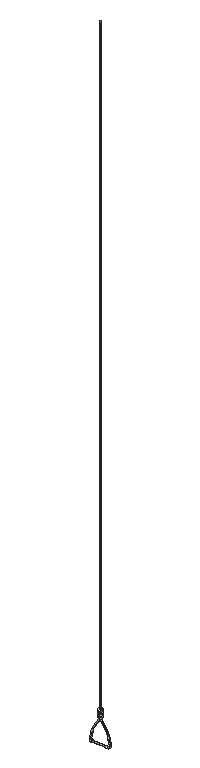
Revit family "Wire-HunterDouglas-300C", category Specialty Equipment, Revit 2013
Parameters (values of type "Parametric")
  ecoScorecard_data = "http://products.ecoscorecard.com/hunterdouglascontract/L300C"
  ecoScorecard Product Page = "http://hunterdouglascontract.ecoscorecard.com/product/L300C?base_search=product_category_A1035"
  Wire = Metal - Hunter Douglas - Steel Stain
  URL = "http://www.hunterdouglascontract.com/ceilings/index.jsp"
  Subcategory = "Metal – Linear Plank"  # constant formula
  Product Line = "300C"  # constant formula
  Perforations = "http://www.hunterdouglascontract.com/ceilings/metalsystems/widepanel/300c/index.jsp?t=perfPage"
  Model = "300C Hanger_Wire"  # constant formula
  Manufacturer = "Hunter Douglas Luxalon Metal Ceilings"  # constant formula
  Hanger Wire Length [instance] = 3' - 0"
  Description = "Hanger_Wire"  # constant formula
  Color Finishes = "http://www.hunterdouglascontract.com/ceilings/metalsystems/widepanel/300c/index.jsp?t=colorPage"
  Assembly Code = "C3030200"
  95 CSI = "09510"  # constant formula
  04 CSI = "09 51 00"  # constant formula
Reference planes (in)
  plane 1 "Center (Front/Back)": y = 0
  plane 2: z = 0
  plane 3 "Center (Left/Right)": x = 0
  plane 4: x = -0.77248
  plane 5: x = 0.77248
  plane 6: z = 2.4375
  plane 7: z = 2.5
  plane 8: z = 36
Dimensions and locks (in)
  equal spacing: plane 4, plane 3 "Center (Left/Right)", plane 5
  plane 4 to plane 5 = 0' - 1.54495"
  locked: plane 6 to plane 7 at 0.0625
  locked: plane 6 to level at 2.4375
  "Hanger Wire Length": plane 8 to level
  aligned and locked: level to plane 2
  aligned and locked: plane 6 to nested 1
  aligned and locked: plane 1 "Center (Front/Back)" to nested 1
  aligned and locked: plane 3 "Center (Left/Right)" to nested 1
Nested families (in)
  nested 1: "Wire" at (0, 0, 0), type "Parametric"
Definition of nested family "Wire"
  Parameters (values of type "Parametric")
    URL = "http://www.hunterdouglascontract.com/ceilings/index.jsp"
    Subcategory = "Metal – Linear Plank"  # constant formula
    Product Line = "300C"  # constant formula
    Model = "300C Hanger_Wire"  # constant formula
    Material = Metal - Hunter Douglas - Steel Stain
    Manufacturer = "Hunter Douglas Luxalon Metal Ceilings"  # constant formula
    HangerWire Length = 3' - 0"
    Description = "Hanger_Wire"  # constant formula
    Assembly Code = "C3030200"
    95 CSI = "09510"  # constant formula
    04 CSI = "09 51 00"  # constant formula
  Reference planes (in)
    plane 1 "Center (Front/Back)": y = 0
    plane 2: z = 0
    plane 3 "Center (Left/Right)": x = 0
    plane 4: x = -0.77248
    plane 5: x = 0.77248
    plane 6: z = 2.4375
    plane 7: z = 2.5
    plane 8: z = 36
  Forms (in)
    Sweep 1, solid, material "Metal - Hunter Douglas - Steel Stain" <- "Material", detail levels fine
      path origin (0, 0, 0) x (1, 0, 0) y (0, 0, 1)
        loop
          line (0.03125, 36) -> (0.03125, 3.70793) -> (0.38236, 3.14135)
          arc (0.38236, 3.14135) -> (0.44435, 3.01623) -> (0.48166, 2.88166) r 0.73777
          line (0.48166, 2.88166) -> (0.5376, 2.56649)
          arc (0.5376, 2.56649) -> (0.51364, 2.47677) -> (0.42949, 2.4375) r 0.1098
          line (0.42949, 2.4375) -> (-0.42976, 2.4375)
          arc (-0.42976, 2.4375) -> (-0.51374, 2.47669) -> (-0.53765, 2.56622) r 0.10957
          line (-0.53765, 2.56622) -> (-0.48246, 2.87715)
          arc (-0.48246, 2.87715) -> (-0.44395, 3.01607) -> (-0.37995, 3.14524) r 0.76163
          line (-0.37995, 3.14524) -> (-0.0384, 3.69638)
      profile origin (-0.00014, 0, 2.4375) x (0, 0, -1) y (0, -1, 0)
        loop
          circle (-0.03125, 0) r 0.03125
    Revolve 2, solid, material "Metal - Hunter Douglas - Steel Stain" <- "Material", detail levels fine
      sketch origin (-1.10243, 0, 0.17393) x (0.947216, 0, -0.320596) y (0.320596, 0, 0.947216)
        loop
          line (-0.19925, 4.08974) -> (-0.26999, 4.08974)
          arc (-0.26999, 4.08974) -> (-0.30124, 4.05849) -> (-0.26999, 4.02724) r 0.03125
          line (-0.26999, 4.02724) -> (-0.19925, 4.02724) -> (-0.19925, 4.08974)
        axis (-0.19925, 4.02724) -> (-0.19925, 4.08974)
      angle from 0 to 360
    Revolve 3, solid, material "Metal - Hunter Douglas - Steel Stain" <- "Material", detail levels fine
      sketch origin (-1.10243, 0, 0.1083) x (0.947216, 0, -0.320596) y (0.320596, 0, 0.947216)
        loop
          line (-0.19925, 4.08974) -> (-0.26999, 4.08974)
          arc (-0.26999, 4.08974) -> (-0.30124, 4.05849) -> (-0.26999, 4.02724) r 0.03125
          line (-0.26999, 4.02724) -> (-0.19925, 4.02724) -> (-0.19925, 4.08974)
        axis (-0.19925, 4.02724) -> (-0.19925, 4.08974)
      angle from 0 to 360
    Revolve 4, solid, material "Metal - Hunter Douglas - Steel Stain" <- "Material", detail levels fine
      sketch origin (-1.10243, 0, 0.04197) x (0.947216, 0, -0.320596) y (0.320596, 0, 0.947216)
        loop
          line (-0.19925, 4.08974) -> (-0.26999, 4.08974)
          arc (-0.26999, 4.08974) -> (-0.30124, 4.05849) -> (-0.26999, 4.02724) r 0.03125
          line (-0.26999, 4.02724) -> (-0.19925, 4.02724) -> (-0.19925, 4.08974)
        axis (-0.19925, 4.02724) -> (-0.19925, 4.08974)
      angle from 0 to 360
    Revolve 5, solid, material "Metal - Hunter Douglas - Steel Stain" <- "Material", detail levels fine
      sketch origin (-1.10243, 0, -0.02402) x (0.947216, 0, -0.320596) y (0.320596, 0, 0.947216)
        loop
          line (-0.19925, 4.08974) -> (-0.26999, 4.08974)
          arc (-0.26999, 4.08974) -> (-0.30124, 4.05849) -> (-0.26999, 4.02724) r 0.03125
          line (-0.26999, 4.02724) -> (-0.19925, 4.02724) -> (-0.19925, 4.08974)
        axis (-0.19925, 4.02724) -> (-0.19925, 4.08974)
      angle from 0 to 360
    Revolve 6, solid, material "Metal - Hunter Douglas - Steel Stain" <- "Material", detail levels fine
      sketch origin (-1.10243, 0, -0.09) x (0.947216, 0, -0.320596) y (0.320596, 0, 0.947216)
        loop
          line (-0.19925, 4.08974) -> (-0.26999, 4.08974)
          arc (-0.26999, 4.08974) -> (-0.30124, 4.05849) -> (-0.26999, 4.02724) r 0.03125
          line (-0.26999, 4.02724) -> (-0.19925, 4.02724) -> (-0.19925, 4.08974)
        axis (-0.19925, 4.02724) -> (-0.19925, 4.08974)
      angle from 0 to 360
    Revolve 7, solid, material "Metal - Hunter Douglas - Steel Stain" <- "Material", detail levels fine
      sketch origin (-1.10243, 0, -0.15751) x (0.947216, 0, -0.320596) y (0.320596, 0, 0.947216)
        loop
          line (-0.19925, 4.08974) -> (-0.26999, 4.08974)
          arc (-0.26999, 4.08974) -> (-0.30124, 4.05849) -> (-0.26999, 4.02724) r 0.03125
          line (-0.26999, 4.02724) -> (-0.19925, 4.02724) -> (-0.19925, 4.08974)
        axis (-0.19925, 4.02724) -> (-0.19925, 4.08974)
      angle from 0 to 360
  Cuts and joins
    joined: Sweep 1, Revolve 3, Revolve 5, Revolve 7
  Lines and regions (in)
    model lines, style "Wire", detail levels coarse+medium
      curve 1: line (0, 0, 36) -> (0, 0, 2.5)
    symbolic lines, style "Wire", detail levels fine
      curve 2: line (-0.50903, 0.03125, 0) -> (-0.08588, 0.03125, 0)
      curve 3: line (0.50903, -0.03126, 0) -> (0.10541, -0.03126, 0)
      curve 4: arc (0.50903, 0.03125, 0) -> (0.54029, 0, 0) -> (0.50903, -0.03126, 0) r 0.03125
      curve 5: arc (-0.50903, 0.03125, 0) -> (-0.54029, 0, 0) -> (-0.50903, -0.03126, 0) r 0.03125
      curve 6: circle (0.00977, 0, 0) r 0.10062 normal (0, 0, 1)
      curve 7: circle (0, 0, 0) r 0.03125 normal (0, 0, 1)
      curve 8: line (0.10541, 0.03125, 0) -> (0.50903, 0.03125, 0)
      curve 9: line (-0.08587, -0.03126, 0) -> (-0.50903, -0.03126, 0)
      curve 43: line (-0.03122, 0, 36) -> (0.03122, 0, 36)
      curve 44: line (0.03122, 0, 36) -> (0.03122, 0, 4.1081)
      curve 45: line (-0.04684, 0, 4.13498) -> (0.08788, 0, 4.08859)
      curve 46: line (-0.07537, 0, 4.07858) -> (0.06749, 0, 4.02939)
      curve 47: arc (0.08788, 0, 4.08859) -> (0.10729, 0, 4.0488) -> (0.06749, 0, 4.02939) r 0.03131
      curve 48: arc (-0.04684, 0, 4.13498) -> (-0.08569, 0, 4.11922) -> (-0.07537, 0, 4.07858) r 0.0319
      curve 49: arc (0.08788, 0, 4.02237) -> (0.10784, 0, 3.98437) -> (0.0711, 0, 3.96216) r 0.03131
      curve 50: arc (-0.04684, 0, 4.06876) -> (-0.08551, 0, 4.05335) -> (-0.07602, 0, 4.01282) r 0.0319
      curve 51: line (-0.07602, 0, 4.01282) -> (0.0711, 0, 3.96216)
      curve 52: arc (0.08788, 0, 3.95615) -> (0.10784, 0, 3.91815) -> (0.0711, 0, 3.89594) r 0.03131
      curve 53: arc (-0.04684, 0, 4.00254) -> (-0.08551, 0, 3.98713) -> (-0.07602, 0, 3.9466) r 0.0319
      curve 54: line (-0.07602, 0, 3.9466) -> (0.0711, 0, 3.89594)
      curve 55: arc (0.08788, 0, 3.88993) -> (0.10784, 0, 3.85193) -> (0.0711, 0, 3.82972) r 0.03131
      curve 56: arc (-0.04684, 0, 3.93632) -> (-0.08551, 0, 3.92091) -> (-0.07602, 0, 3.88038) r 0.0319
      curve 57: line (-0.07602, 0, 3.88038) -> (0.0711, 0, 3.82972)
      curve 58: arc (0.08788, 0, 3.82371) -> (0.10784, 0, 3.78571) -> (0.0711, 0, 3.7635) r 0.03131
      curve 59: arc (-0.04684, 0, 3.8701) -> (-0.08551, 0, 3.85469) -> (-0.07602, 0, 3.81416) r 0.0319
      curve 60: line (-0.07602, 0, 3.81416) -> (0.0711, 0, 3.7635)
      curve 61: arc (0.08788, 0, 3.75749) -> (0.10784, 0, 3.71949) -> (0.0711, 0, 3.69728) r 0.03131
      curve 62: arc (-0.04684, 0, 3.80388) -> (-0.08551, 0, 3.78847) -> (-0.07602, 0, 3.74794) r 0.0319
      curve 63: line (-0.07602, 0, 3.74794) -> (0.0711, 0, 3.69728)
      curve 64: line (-0.0384, 0, 3.69638) -> (-0.37724, 0, 3.14961)
      curve 65: line (-0.53854, 0, 2.57083) -> (-0.47845, 0, 2.89346)
      curve 66: arc (-0.47845, 0, 2.89346) -> (-0.43931, 0, 3.02606) -> (-0.37724, 0, 3.14961) r 0.77561
      curve 67: arc (-0.53854, 0, 2.57083) -> (-0.5193, 0, 2.48393) -> (-0.44337, 0, 2.4375) r 0.11373
      curve 68: line (0.08629, 0, 3.61911) -> (-0.0384, 0, 3.69638)
      curve 69: spline (-0.02925, 0, 3.69071) -> (-0.02601, 0, 3.69164) -> (-0.02149, 0, 3.69294) -> (-0.01593, 0, 3.69453) -> (-0.00958, 0, 3.69634) -> (-0.00276, 0, 3.69828) -> (0.00419, 0, 3.70026) -> (0.01093, 0, 3.70218) -> (0.01714, 0, 3.70394) -> (0.02251, 0, 3.70547) -> (0.02678, 0, 3.70667) -> (0.02974, 0, 3.70751) -> (0.03125, 0, 3.70793)
      curve 70: line (0, 0, 3.6397) -> (-0.32412, 0, 3.11669)
      curve 71: arc (-0.41709, 0, 2.88159) -> (-0.3811, 0, 3.00329) -> (-0.32412, 0, 3.11669) r 0.71311
      curve 72: line (-0.4771, 0, 2.55939) -> (-0.41709, 0, 2.88159)
      curve 73: arc (-0.4771, 0, 2.55939) -> (-0.46843, 0, 2.52024) -> (-0.43423, 0, 2.49933) r 0.05123
      curve 74: line (0.03122, 0, 36) -> (-0.03122, 0, 36)
      curve 75: line (-0.03122, 0, 36) -> (-0.03122, 0, 4.1296)
      curve 76: line (0.02882, 0, 3.71184) -> (0.37724, 0, 3.14961)
      curve 77: line (0.53854, 0, 2.57083) -> (0.47845, 0, 2.89346)
      curve 78: arc (0.47845, 0, 2.89346) -> (0.43931, 0, 3.02606) -> (0.37724, 0, 3.14961) r 0.77561
      curve 79: arc (0.53854, 0, 2.57083) -> (0.5193, 0, 2.48393) -> (0.44337, 0, 2.4375) r 0.11373
      curve 80: arc (0.4771, 0, 2.55939) -> (0.46843, 0, 2.52024) -> (0.43423, 0, 2.49933) r 0.05123
      curve 81: line (0.4771, 0, 2.55939) -> (0.41709, 0, 2.88159)
      curve 82: arc (0.41709, 0, 2.88159) -> (0.3811, 0, 3.00329) -> (0.32412, 0, 3.11669) r 0.71311
      curve 83: line (0, 0, 3.6397) -> (0.32412, 0, 3.11669)
      curve 84: line (-0.43423, 0, 2.49933) -> (0.43423, 0, 2.49933)
      curve 85: line (0.44337, 0, 2.4375) -> (-0.44337, 0, 2.4375)
      curve 86: line (-0.03122, 0, 3.73252) -> (-0.03122, 0, 3.69194)
    symbolic lines, style "Wire"
      curve 10: line (0, 0.03125, 36) -> (0, -0.03125, 36)
      curve 11: line (0, 0.03125, 2.46831) -> (0, 0.03125, 3.69854)
      curve 12: line (0, -0.03125, 36) -> (0, -0.03125, 4.05165)
      curve 13: arc (0, -0.08474, 4.0503) -> (0, -0.10167, 4.01557) -> (0, -0.08145, 3.98266) r 0.04011
      curve 14: arc (0, -0.08145, 3.98266) -> (0, -0.04212, 3.96692) -> (0, 0, 3.96236) r 0.15569
      curve 15: arc (0, 0.08474, 4.0503) -> (0, 0.10167, 4.01557) -> (0, 0.08145, 3.98266) r 0.04011
      curve 16: arc (0, 0.08145, 3.98266) -> (0, 0.04212, 3.96692) -> (0, 0, 3.96236) r 0.15569
      curve 17: arc (0, 0.03125, 4.05165) -> (0, 0, 4.04216) -> (0, -0.03125, 4.05165) r 0.05621
      curve 18: arc (0, -0.08169, 3.9828) -> (0, -0.10172, 3.94794) -> (0, -0.08145, 3.91321) r 0.04011
      curve 19: arc (0, -0.08145, 3.91321) -> (0, -0.04212, 3.89747) -> (0, 0, 3.89291) r 0.15569
      curve 20: arc (0, 0.08169, 3.9828) -> (0, 0.10172, 3.94794) -> (0, 0.08145, 3.91321) r 0.04011
      curve 21: arc (0, 0.08145, 3.91321) -> (0, 0.04212, 3.89747) -> (0, 0, 3.89291) r 0.15569
      curve 22: arc (0, -0.08474, 3.91531) -> (0, -0.10167, 3.88058) -> (0, -0.08145, 3.84767) r 0.04011
      curve 23: arc (0, -0.08145, 3.84767) -> (0, -0.04212, 3.83193) -> (0, 0, 3.82736) r 0.15569
      curve 24: arc (0, 0.08474, 3.91531) -> (0, 0.10167, 3.88058) -> (0, 0.08145, 3.84767) r 0.04011
      curve 25: arc (0, 0.08145, 3.84767) -> (0, 0.04212, 3.83193) -> (0, 0, 3.82736) r 0.15569
      curve 26: arc (0, -0.08474, 3.84977) -> (0, -0.10167, 3.81504) -> (0, -0.08145, 3.78213) r 0.04011
      curve 27: arc (0, -0.08145, 3.78213) -> (0, -0.04212, 3.76638) -> (0, 0, 3.76182) r 0.15569
      curve 28: arc (0, 0.08474, 3.84977) -> (0, 0.10167, 3.81504) -> (0, 0.08145, 3.78213) r 0.04011
      curve 29: arc (0, 0.08145, 3.78213) -> (0, 0.04212, 3.76638) -> (0, 0, 3.76182) r 0.15569
      curve 30: arc (0, -0.08474, 3.78422) -> (0, -0.10167, 3.7495) -> (0, -0.08145, 3.71659) r 0.04011
      curve 31: arc (0, -0.08145, 3.71659) -> (0, -0.04212, 3.70084) -> (0, 0, 3.69628) r 0.15569
      curve 32: arc (0, 0.08474, 3.78422) -> (0, 0.10167, 3.7495) -> (0, 0.08145, 3.71659) r 0.04011
      curve 33: arc (0, 0.08145, 3.71659) -> (0, 0.04212, 3.70084) -> (0, 0, 3.69628) r 0.15569
      curve 34: line (0, 0.03125, 4.05165) -> (0, 0.03125, 36)
      curve 35: line (0, -0.03125, 3.69854) -> (0, -0.03125, 2.46831)
      curve 36: arc (0, -0.03125, 2.46831) -> (0, 0, 2.43706) -> (0, 0.03125, 2.46831) r 0.03125
      curve 37: arc (0, -0.08474, 4.11584) -> (0, -0.10167, 4.08112) -> (0, -0.08145, 4.0482) r 0.04011
      curve 38: arc (0, -0.08145, 4.0482) -> (0, -0.04212, 4.03246) -> (0, 0, 4.0279) r 0.15569
      curve 39: arc (0, 0.08474, 4.11584) -> (0, 0.10167, 4.08112) -> (0, 0.08145, 4.0482) r 0.04011
      curve 40: arc (0, 0.08145, 4.0482) -> (0, 0.04212, 4.03246) -> (0, 0, 4.0279) r 0.15569
      curve 41: arc (0, -0.08474, 4.11584) -> (0, -0.05931, 4.12919) -> (0, -0.03125, 4.13531) r 0.10721
      curve 42: arc (0, 0.08474, 4.11584) -> (0, 0.05931, 4.12919) -> (0, 0.03125, 4.13531) r 0.10721
  Dimensions and locks (in)
    equal spacing: plane 4, plane 3 "Center (Left/Right)", plane 5
    plane 4 to plane 5 = 0' - 1.54495"
    locked: plane 6 to plane 7 at 0.0625
    locked: plane 6 to level at 2.4375
    "HangerWire Length": plane 8 to level
    aligned and locked: level to plane 2
    aligned and locked: Sweep 1 sketch curve to plane 6
    aligned and locked: plane 8 to Sweep 1 sketch curve
    aligned and locked: curve 1 to plane 3 "Center (Left/Right)"
    aligned and locked: plane 7 to curve 1
    aligned and locked: plane 8 to curve 1
    aligned and locked: curve 7 to cut or joined group of Sweep 1, Revolve 3, Revolve 5, Revolve 7
    aligned and locked: curve 68 to cut or joined group of Sweep 1, Revolve 3, Revolve 5, Revolve 7
  Automatic sketch dimensions
    Sweep 1 sketch curve to plane 1 "Center (Front/Back)" = 0' - 0"
    profile plane to Sweep 1 sketch curve = 0' - 0 1/32"
    Revolve 2 sketch curve to plane 3 "Center (Left/Right)" = 0' - 0.06706"
    Revolve 2 sketch curve to Revolve 2 sketch curve = 0' - 0.07074"
    Revolve 2 sketch curve to Revolve 2 sketch curve = 0' - 0"  (x2)
    Revolve 2 sketch curve to Revolve 2 sketch curve = 0' - 0 1/32"
    Revolve 2 sketch curve to Revolve 2 sketch curve = 0' - 0.02781"
    Revolve 3 sketch curve to plane 3 "Center (Left/Right)" = 0' - 0.06706"
    Revolve 3 sketch curve to Revolve 3 sketch curve = 0' - 0.07074"
    Revolve 3 sketch curve to Revolve 3 sketch curve = 0' - 0"  (x2)
    Revolve 3 sketch curve to Revolve 3 sketch curve = 0' - 0 1/32"
    Revolve 3 sketch curve to Revolve 3 sketch curve = 0' - 0.02781"
    Revolve 4 sketch curve to plane 3 "Center (Left/Right)" = 0' - 0.06706"
    Revolve 4 sketch curve to Revolve 4 sketch curve = 0' - 0.07074"
    Revolve 4 sketch curve to Revolve 4 sketch curve = 0' - 0"  (x2)
    Revolve 4 sketch curve to Revolve 4 sketch curve = 0' - 0 1/32"
    Revolve 4 sketch curve to Revolve 4 sketch curve = 0' - 0.02781"
    Revolve 5 sketch curve to plane 3 "Center (Left/Right)" = 0' - 0.06706"
    Revolve 5 sketch curve to Revolve 5 sketch curve = 0' - 0.07074"
    Revolve 5 sketch curve to Revolve 5 sketch curve = 0' - 0"  (x2)
    Revolve 5 sketch curve to Revolve 5 sketch curve = 0' - 0 1/32"
    Revolve 5 sketch curve to Revolve 5 sketch curve = 0' - 0.02781"
    Revolve 6 sketch curve to plane 3 "Center (Left/Right)" = 0' - 0.06706"
    Revolve 6 sketch curve to Revolve 6 sketch curve = 0' - 0.07074"
    Revolve 6 sketch curve to Revolve 6 sketch curve = 0' - 0"  (x2)
    Revolve 6 sketch curve to Revolve 6 sketch curve = 0' - 0 1/32"
    Revolve 6 sketch curve to Revolve 6 sketch curve = 0' - 0.02781"
    Revolve 7 sketch curve to plane 3 "Center (Left/Right)" = 0' - 0.06706"
    Revolve 7 sketch curve to Revolve 7 sketch curve = 0' - 0.07074"
    Revolve 7 sketch curve to Revolve 7 sketch curve = 0' - 0"  (x2)
    Revolve 7 sketch curve to Revolve 7 sketch curve = 0' - 0 1/32"
    Revolve 7 sketch curve to Revolve 7 sketch curve = 0' - 0.02781"
    plane 7 to Sweep 1 sketch curve = 0' - 0.06622"
    Sweep 1 sketch curve to plane 4 = 0' - 0.23483"
    Sweep 1 sketch curve to plane 4 = 0' - 0.29002"
    Sweep 1 sketch curve to Sweep 1 sketch curve = 0' - 0.10788"
    Sweep 1 sketch curve to Sweep 1 sketch curve = 0' - 0.10251"
    Sweep 1 sketch curve to plane 3 "Center (Left/Right)" = 0' - 0.24476"
    Sweep 1 sketch curve to plane 3 "Center (Left/Right)" = 0' - 0.0384"
    plane 3 "Center (Left/Right)" to Sweep 1 sketch curve = 0' - 0 1/32"
    plane 3 "Center (Left/Right)" to Sweep 1 sketch curve = 0' - 0.26745"
    plane 3 "Center (Left/Right)" to Sweep 1 sketch curve = 0' - 0.38236"
    Sweep 1 sketch curve to plane 5 = 0' - 0.34298"
    Sweep 1 sketch curve to Sweep 1 sketch curve = 0' - 0.21421"
    plane 7 to Sweep 1 sketch curve = 0' - 0.06649"
    Sweep 1 sketch curve to Sweep 1 sketch curve = 0' - 0.10811"
    plane 7 to Sweep 1 sketch curve = 0' - 0.24405"
    plane 7 to Sweep 1 sketch curve = 0' - 0.25273"
    Sweep 1 sketch curve to Sweep 1 sketch curve = 0' - 0.12442"
    Sweep 1 sketch curve to Sweep 1 sketch curve = 0' - 0.13761"
    Sweep 1 sketch curve to Sweep 1 sketch curve = 0' - 0.55114"
    Sweep 1 sketch curve to Sweep 1 sketch curve = 0' - 0.01154"
    plane 7 to Revolve 2 sketch curve = 0' - 1.57516"
    plane 7 to Revolve 3 sketch curve = 0' - 1.50953"
    plane 7 to Revolve 4 sketch curve = 0' - 1.44319"
    plane 7 to Revolve 5 sketch curve = 0' - 1.37721"
    plane 7 to Revolve 6 sketch curve = 0' - 1.31123"
    plane 7 to Revolve 7 sketch curve = 0' - 1.24371"
    plane 1 "Center (Front/Back)" to curve 6 = 0' - 0"
    curve 2 to plane 1 "Center (Front/Back)" = 0' - 0 1/32"
    curve 2 to plane 4 = 0' - 0.26344"
    plane 3 "Center (Left/Right)" to curve 6 = 0' - 0.00977"
    plane 1 "Center (Front/Back)" to curve 3 = 0' - 0 1/32"
    curve 3 to plane 5 = 0' - 0.26344"
    plane 3 "Center (Left/Right)" to curve 8 = 0' - 0.10541"
    plane 1 "Center (Front/Back)" to curve 4 = 0' - 0"
    plane 1 "Center (Front/Back)" to curve 5 = 0' - 0 1/32"
    curve 12 to plane 8 = 0' - 0"
    curve 17 to plane 1 "Center (Front/Back)" = 0' - 0"
    curve 25 to plane 1 "Center (Front/Back)" = 0' - 0"
    curve 21 to plane 1 "Center (Front/Back)" = 0' - 0"
    curve 33 to plane 1 "Center (Front/Back)" = 0' - 0"
    curve 38 to plane 1 "Center (Front/Back)" = 0' - 0"
    curve 36 to plane 1 "Center (Front/Back)" = 0' - 0"
    curve 14 to plane 1 "Center (Front/Back)" = 0' - 0"
    curve 27 to plane 1 "Center (Front/Back)" = 0' - 0"
    plane 1 "Center (Front/Back)" to curve 19 = 0' - 0.00445"
    plane 1 "Center (Front/Back)" to curve 23 = 0' - 0.00445"
    plane 1 "Center (Front/Back)" to curve 14 = 0' - 0.00445"
    plane 1 "Center (Front/Back)" to curve 27 = 0' - 0.00445"
    plane 1 "Center (Front/Back)" to curve 38 = 0' - 0.00445"
    plane 1 "Center (Front/Back)" to curve 31 = 0' - 0.00445"
    plane 1 "Center (Front/Back)" to curve 41 = 0' - 0.02264"
    plane 1 "Center (Front/Back)" to curve 10 = 0' - 0 1/32"
    curve 36 to curve 36 = 0' - 0 1/32"
    curve 30 to curve 35 = 0' - 0.03036"
    plane 1 "Center (Front/Back)" to curve 26 = 0' - 0.06161"
    curve 13 to curve 41 = 0' - 0.03896"
    plane 1 "Center (Front/Back)" to curve 22 = 0' - 0.06161"
    curve 27 to curve 30 = 0' - 0.01984"
    curve 18 to curve 22 = 0' - 0.01984"
    curve 30 to curve 30 = 0' - 0.01984"
    curve 26 to curve 27 = 0' - 0"
    curve 38 to curve 13 = 0' - 0.01984"
    curve 37 to curve 38 = 0' - 0"
    curve 19 to curve 18 = 0' - 0"
    curve 31 to curve 30 = 0' - 0"
    curve 22 to curve 26 = 0' - 0.01984"
    curve 13 to curve 18 = 0' - 0.01984"
    curve 14 to curve 13 = 0' - 0"
    curve 23 to curve 22 = 0' - 0"
    curve 18 to curve 13 = 0' - 0.00025"
    curve 30 to curve 26 = 0' - 0.0033"
    curve 13 to curve 38 = 0' - 0.0033"
    curve 22 to curve 19 = 0' - 0.0033"
    curve 41 to curve 37 = 0' - 0.02313"
    curve 26 to curve 22 = 0' - 0.0033"
    curve 25 to plane 1 "Center (Front/Back)" = 0' - 0.00445"
    curve 29 to plane 1 "Center (Front/Back)" = 0' - 0.00445"
    curve 40 to plane 1 "Center (Front/Back)" = 0' - 0.00445"
    curve 16 to plane 1 "Center (Front/Back)" = 0' - 0.00445"
    curve 33 to plane 1 "Center (Front/Back)" = 0' - 0.00445"
    curve 21 to plane 1 "Center (Front/Back)" = 0' - 0.00445"
    curve 42 to plane 1 "Center (Front/Back)" = 0' - 0.02264"
    curve 10 to plane 1 "Center (Front/Back)" = 0' - 0 1/32"
    curve 24 to plane 1 "Center (Front/Back)" = 0' - 0.06161"
    curve 42 to curve 15 = 0' - 0.03896"
    curve 11 to curve 32 = 0' - 0.03036"
    curve 28 to plane 1 "Center (Front/Back)" = 0' - 0.06161"
    curve 20 to curve 16 = 0' - 0.01984"
    curve 32 to curve 28 = 0' - 0.01984"
    curve 28 to curve 25 = 0' - 0.01984"
    curve 24 to curve 25 = 0' - 0"
    curve 29 to curve 28 = 0' - 0"
    curve 32 to curve 32 = 0' - 0.01984"
    curve 24 to curve 21 = 0' - 0.01984"
    curve 20 to curve 21 = 0' - 0"
    curve 15 to curve 16 = 0' - 0"
    curve 15 to curve 40 = 0' - 0.01984"
    curve 39 to curve 40 = 0' - 0"
    curve 33 to curve 32 = 0' - 0"
    curve 16 to curve 20 = 0' - 0.00025"
    curve 39 to curve 39 = 0' - 0.02313"
    curve 28 to curve 32 = 0' - 0.0033"
    curve 25 to curve 28 = 0' - 0.0033"
    curve 20 to curve 24 = 0' - 0.0033"
    plane 7 to curve 40 = 0' - 1.68352"
    curve 38 to curve 40 = 0' - 0"
    curve 42 to curve 40 = 0' - 0.04821"
    curve 41 to curve 38 = 0' - 0.04821"
    curve 41 to curve 41 = 0' - 0.01947"
    curve 14 to curve 41 = 0' - 0.01733"
    curve 14 to curve 16 = 0' - 0"
    curve 17 to curve 14 = 0' - 0.01961"
    curve 38 to curve 21 = 0' - 0.02063"
    curve 19 to curve 21 = 0' - 0"
    curve 16 to curve 25 = 0' - 0.02063"
    curve 23 to curve 25 = 0' - 0"
    curve 16 to curve 20 = 0' - 0.00014"
    curve 19 to curve 29 = 0' - 0.02454"
    curve 27 to curve 29 = 0' - 0"
    curve 20 to curve 24 = 0' - 0.00209"
    curve 25 to curve 33 = 0' - 0.02454"
    curve 31 to curve 33 = 0' - 0"
    curve 22 to curve 26 = 0' - 0.00209"
    curve 28 to curve 32 = 0' - 0.00209"
    curve 36 to plane 6 = 0' - 0.03081"
    curve 37 to curve 41 = 0' - 0.05349"
    curve 18 to curve 13 = 0' - 0.02008"
    curve 39 to curve 39 = 0' - 0.01984"
    curve 20 to curve 24 = 0' - 0.02313"
    curve 39 to curve 15 = 0' - 0.0033"
    curve 31 to curve 38 = 0' - 0.33162"
    curve 41 to curve 12 = 0' - 0.0232"
    curve 66 to curve 71 = 0' - 0"  (x2)
    curve 67 to curve 73 = 0' - 0"  (x2)
    curve 78 to curve 82 = 0' - 0"  (x2)
    curve 79 to curve 80 = 0' - 0"  (x2)
    curve 67 to plane 6 = 0' - 0"
    curve 74 to plane 8 = 0' - 0"
    curve 83 to plane 3 "Center (Left/Right)" = 0' - 0"
    curve 69 to plane 3 "Center (Left/Right)" = 0' - 0.02925"
    curve 86 to curve 69 = 0' - 0.00197"
    curve 75 to plane 3 "Center (Left/Right)" = 0' - 0.03122"
    curve 69 to curve 86 = 0' - 0.00021"
    curve 64 to curve 86 = 0' - 0.00718"
    curve 62 to plane 3 "Center (Left/Right)" = 0' - 0.04684"
    curve 48 to curve 75 = 0' - 0 1/64"
    curve 59 to plane 3 "Center (Left/Right)" = 0' - 0.04684"
    curve 53 to plane 3 "Center (Left/Right)" = 0' - 0.04684"
    curve 56 to plane 3 "Center (Left/Right)" = 0' - 0.04684"
    curve 50 to plane 3 "Center (Left/Right)" = 0' - 0.04684"
    curve 59 to curve 59 = 0' - 0.01039"
    curve 50 to curve 50 = 0' - 0.01039"
    curve 48 to curve 48 = 0' - 0.01039"
    curve 62 to curve 62 = 0' - 0.01039"
    curve 56 to curve 56 = 0' - 0.01039"
    curve 53 to curve 53 = 0' - 0.01039"
    curve 46 to curve 50 = 0' - 0.02853"
    curve 59 to curve 62 = 0' - 0.02918"
    curve 54 to curve 56 = 0' - 0.02918"
    curve 63 to curve 62 = 0' - 0.01879"
    curve 56 to curve 59 = 0' - 0.02918"
    curve 50 to curve 53 = 0' - 0.02918"
    curve 70 to plane 3 "Center (Left/Right)" = 0' - 0.32412"
    curve 64 to curve 71 = 0' - 0.05313"
    curve 71 to curve 78 = 0' - 0.13505"
    plane 7 to curve 73 = 0' - 0.05001"
    curve 73 to curve 78 = 0' - 0.14469"
    curve 73 to plane 7 = 0' - 0.00067"
    curve 73 to curve 67 = 0' - 0.0075"
    curve 85 to curve 84 = 0' - 0.00915"
    curve 73 to curve 67 = 0' - 0.05037"
    curve 65 to curve 71 = 0' - 0.06136"
    plane 7 to curve 65 = 0' - 0.07083"
    plane 3 "Center (Left/Right)" to curve 69 = 0' - 0"
    plane 3 "Center (Left/Right)" to curve 76 = 0' - 0.02882"
    plane 3 "Center (Left/Right)" to curve 43 = 0' - 0.03122"
    curve 76 to curve 69 = 0' - 0.00243"
    plane 3 "Center (Left/Right)" to curve 47 = 0' - 0.06749"
    curve 69 to curve 63 = 0' - 0.03985"
    curve 58 to curve 63 = 0' - 0"
    curve 47 to curve 49 = 0' - 0.00361"
    curve 55 to curve 60 = 0' - 0"
    curve 51 to curve 54 = 0' - 0"
    curve 63 to curve 61 = 0' - 0.00658"
    curve 57 to curve 55 = 0' - 0.00658"
    curve 46 to curve 47 = 0' - 0.01019"
    curve 49 to curve 49 = 0' - 0.00658"
    curve 60 to curve 58 = 0' - 0.00658"
    curve 54 to curve 52 = 0' - 0.00658"
    curve 61 to curve 68 = 0' - 0.01519"
    curve 47 to curve 49 = 0' - 0.02038"
    curve 58 to curve 61 = 0' - 0.01678"
    curve 51 to curve 52 = 0' - 0.01678"
    curve 55 to curve 58 = 0' - 0.01678"
    curve 47 to curve 47 = 0' - 0.01019"
    curve 52 to curve 55 = 0' - 0.01678"
    plane 3 "Center (Left/Right)" to curve 71 = 0' - 0.28204"
    plane 3 "Center (Left/Right)" to curve 83 = 0' - 0.32412"
    curve 83 to curve 76 = 0' - 0.05313"
    curve 66 to curve 81 = 0' - 0.13505"
    plane 7 to curve 80 = 0' - 0.05001"
    curve 66 to curve 80 = 0' - 0.14469"
    curve 79 to curve 80 = 0' - 0.0075"
    curve 84 to curve 79 = 0' - 0.00915"
    curve 79 to curve 80 = 0' - 0.05037"
    curve 81 to curve 78 = 0' - 0.06136"
    curve 80 to curve 79 = 0' - 0.06144"
    curve 79 to curve 71 = 0' - 0.19104"
    curve 67 to curve 82 = 0' - 0.19104"
    curve 66 to curve 81 = 0' - 0.14054"
    curve 71 to curve 65 = 0' - 0.01187"
    curve 81 to curve 78 = 0' - 0.01187"
    curve 83 to curve 69 = 0' - 0.05101"
    curve 69 to curve 86 = 0' - 0.00186"
    curve 63 to curve 69 = 0' - 0.01064"
    curve 63 to curve 61 = 0' - 0.03061"
    curve 64 to curve 86 = 0' - 0.03613"
    curve 61 to curve 58 = 0' - 0.00601"
    curve 62 to curve 62 = 0' - 0.02577"
    curve 60 to curve 58 = 0' - 0.03061"
    curve 62 to curve 60 = 0' - 0.01028"
    curve 58 to curve 57 = 0' - 0.00601"
    curve 60 to curve 59 = 0' - 0.02577"
    curve 57 to curve 55 = 0' - 0.03061"
    curve 59 to curve 57 = 0' - 0.01028"
    curve 55 to curve 54 = 0' - 0.00601"
    curve 56 to curve 56 = 0' - 0.02577"
    curve 54 to curve 52 = 0' - 0.03061"
    curve 56 to curve 53 = 0' - 0.01028"
    curve 52 to curve 49 = 0' - 0.00601"
    curve 53 to curve 53 = 0' - 0.02577"
    curve 49 to curve 49 = 0' - 0.03061"
    curve 53 to curve 51 = 0' - 0.01028"
    curve 49 to curve 47 = 0' - 0.00702"
    curve 51 to curve 50 = 0' - 0.02577"
    curve 46 to curve 47 = 0' - 0.0296"
    curve 46 to curve 48 = 0' - 0.02623"
    radius of Sweep 1 sketch curve = 0' - 0 1/32"
